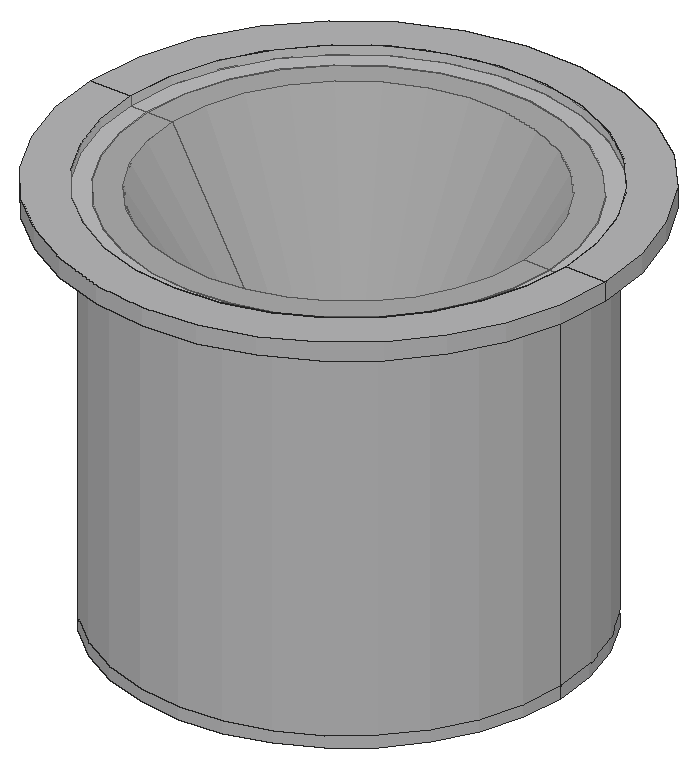
Revit family "2049537 Lighting Fixture_Sylvania_Myriad V LED_Ceiling Recessed", category Lighting Fixtures, host Face, Revit 2015
Parameters (values of type "MYRIAD SS IP65 3000K DALI WH")
  Weight = 0.39 kg
  Wattage = 13.8318 W
  built-in parameter 1150110 = 1 (stored number, unit not read)
  Voltage Comments = "UNV (Universal Voltage; 220-240 Volt)"  # constant formula
  Voltage = 240 V  # constant formula
  URL = ""
  built-in parameter 1114217 = 1 (stored number, unit not read)
  Tilt Angle = -90.00°  # constant formula
  built-in parameter 1150109 = 1 (stored number, unit not read)
  built-in parameter 1150134 = (empty or 0)
  built-in parameter 1150113 = 1 (stored number, unit not read)
  Reflector Material = Steel_Sylvania_Myrad V LED_Chrome
  Recessed Depth = 72.0 mm
  Photometric Web File = "2049537_MYRIADVGlassWhiteBezelLED16W3K30deg+DALI-90520.ies"
  Product Page URL = ""
  Product Family = "MYRIAD V LED - IP65 GLASS WHITE BEZEL"  # constant formula
  Photometry Comments = ""
  built-in parameter 1150105 = 1452.6 (stored number, unit not read)
  Lumens = 936 lm
  built-in parameter 1150115 = 1 (stored number, unit not read)
  built-in parameter 1150137 = (empty or 0)
  built-in parameter 1150139 = (empty or 0)
  Life = "50 000h"  # constant formula
  built-in parameter 1150112 = 1 (stored number, unit not read)
  built-in parameter 1150114 = 1 (stored number, unit not read)
  Lamp Comments = "15W Citizen Citiled neutral 3000K"
  LOR = "100%"
  Inner Radius = Cutout Radius - 2.0 mm  # 36.0 mm
  built-in parameter 1150132 = 2
  built-in parameter 1150102 = (empty or 0)
  built-in parameter 1150107 = 3000 (stored number, unit not read)
  built-in parameter 1150138 = (empty or 0)
  built-in parameter 1150106 = 14.526 (stored number, unit not read)
  Energy Class = "A++A+A"  # constant formula
  Emit from Circle Diameter = Diffuser Diameter  # 78.0 mm
  Emit Shape Visible in Rendering = no
  built-in parameter 1150104 = 6.2867 (stored number, unit not read)
  Dimming Range = "Dali"  # constant formula
  Dimming Lamp Color Temperature Shift = <None>
  Diffuser Diameter = Cutout Diameter + 2.0 mm  # 78.0 mm
  Diameter = Cutout Diameter  # 76.0 mm
  Cutout Radius = Cutout Diameter / 2  # 38.0 mm
  Cutout Diameter = 76.0 mm
  Control Gear Type = "Electronic"
  Color Filter = 16777215
  Catalog Number = "2049537 MYRIAD SS IP65 3000K DALI WH"
  Body Material = Aluminum_Sylvania_Myrad V LED_Silver
  Beam Angle = 30.00°  # constant formula
  built-in parameter 1114218 = 1 (stored number, unit not read)
  built-in parameter 1150133 = 10 (stored number, unit not read)
  IP Rating = "IP65"  # constant formula
  Electrical Protection = "CLASS II"  # constant formula
  built-in parameter 1114216 [instance] = 1 (stored number, unit not read)
  Model = "MYRIAD SS IP65 3000K DALI WH"
  Manufacturer = "Feilo-Sylvania Group"
  Lamp = "Integrated LED"
  Diffuser Material = Polycarbonate_Sylvania_Myrad V LED_Clear
  Description = "New high output high efficiency LED downlight modules. IR/UV free light source without heat radiation. Energy efficient light source with far superior luminous flux per watt than existing Low Voltage Halogen. Long life up to 50K hours, fit and forget maintenance free lighting solution. Dimmable options including DALI as standard. IP44 & IP65 versions as standard options. New range of Architectural accessories each providing a different lit dimension. Choice of colour temperatures warm 3000K and neutral 4000K. Luminaires supplied complete with LED drivers. Emergency versions passes through cut out. New completely flush plaster up accessory ring for clean ceiling lines and smooth finish. Total circuit power I5W"  # constant formula
  Default Elevation = 0.0 mm
  built-in parameter 1140040 [instance] = 1
  Assembly Code = "D5020200"
  Apparent Load Comments = ""
  Apparent Load = 15 VA
Reference planes
  plane 1 "Center (Front/Back)": y = 0
  plane 2: z = 0
  plane 3 "Center (Left/Right)": x = 0
  plane 4 "Fixture Bottom": z = 3
  plane 5 "Diffuser": z = 1.454
  plane 6 "Housing Top": z = -66.546
  plane 7 "Housing Thickness": z = -64.546
  plane 8 "Reflector Top": z = -33.546
  plane 9 "Fixture Top": z = -72
Forms (mm)
  Extrusion 1, void
    sketch origin (0, 0, 58) x (-1, 0, 0) y (0, -1, 0)
      loop
        circle (0, 0) r 38
    from -124.546 to -55
  Revolve 2, solid, material "Aluminum_Sylvania_Myrad V LED_Silver" <- "Body Material", detail levels fine
    sketch origin (0, 0, 0) x (1, 0, 0) y (0, 0, 1)
      loop
        line (-46.021, 3) -> (-46.021, 0) -> (-38, 0) -> (-38, -64.546) -> (-36.037, -64.546) -> (-36.037, 1.454) -> (-39, 1.454) -> (-39, 3) -> (-46.021, 3)
      axis (0, 3) -> (0, -64.546)
    angle from 0 to 360
  Extrusion 3, solid, material "Aluminum_Sylvania_Myrad V LED_Silver" <- "Body Material", detail levels fine
    sketch origin (0, 0, 58) x (-1, 0, 0) y (0, -1, 0)
      loop
        circle (0, 0) r 38
    from -124.546 to -122.546
  Revolve 4, solid, material "Steel_Sylvania_Myrad V LED_Chrome" <- "Reflector Material", detail levels fine
    sketch origin (0, 0, 0) x (1, 0, 0) y (0, 0, 1)
      loop
        line (-36, -33.546) -> (0, -33.546) -> (0, -31.083) -> (-12.669, -31.083) -> (-31.5, 1.454) -> (-36, 1.454) -> (-36, -33.546)
      axis (0, 1.454) -> (0, -33.546)
    angle from 0 to 360
  Extrusion 5, solid, material "Polycarbonate_Sylvania_Myrad V LED_Clear" <- "Diffuser Material", detail levels fine
    sketch origin (0, 0, 58) x (-1, 0, 0) y (0, -1, 0)
      loop
        circle (0, 0) r 39
    from -56.546 to -55
  Revolve 6, solid, material "Aluminum_Sylvania_Myrad V LED_Silver" <- "Body Material", detail levels coarse+medium
    sketch origin (0, 0, 0) x (1, 0, 0) y (0, 0, 1)
      loop
        line (-46.021, 3) -> (-46.021, 0) -> (-38, 0) -> (-38, -72) -> (0, -72) -> (0, 3) -> (-46.021, 3)
      axis (0, 3) -> (0, -72)
    angle from 0 to 360
  Revolve 7, solid
    sketch origin (0, 0, 0) x (1, 0, 0) y (0, 0, 1)
      loop
        line (-28, -66.546) -> (-28, -70)
        arc (-28, -70) -> (-27.414, -71.414) -> (-26, -72) r 2
        line (-26, -72) -> (-4.499, -72) -> (-4.499, -66.546) -> (-28, -66.546)
      axis (-4.499, -66.546) -> (-4.499, -72)
    angle from 0 to 360
Cuts and joins
  joined: Revolve 2, Extrusion 3
Dimensions and locks
  locked: plane 4 "Fixture Bottom" to plane 2 at 3
  locked: plane 5 "Diffuser" to plane 2 at 1.454
  "Cutout Radius": plane 3 "Center (Left/Right)" to Revolve 2 sketch curve
  locked: Revolve 2 sketch curve to Revolve 2 sketch curve at 1.963
  locked: Revolve 2 sketch curve to Revolve 2 sketch curve at 8.021
  locked: Revolve 4 sketch curve to Revolve 4 sketch curve at 2.463
  locked: Revolve 2 sketch curve to Revolve 2 sketch curve at 1
  "Inner Radius": plane 3 "Center (Left/Right)" to Revolve 4 sketch curve
  locked: Revolve 4 sketch curve to Revolve 4 sketch curve at 4.5
  locked: Revolve 4 sketch curve to Revolve 4 sketch curve at 23.331
  locked: plane 5 "Diffuser" to plane 8 "Reflector Top" at 35
  locked: Revolve 6 sketch curve to Revolve 6 sketch curve at 8.021
  "Cutout Radius": Revolve 6 sketch curve to imposter light
  "Recessed Depth": plane 2 to plane 9 "Fixture Top"
  locked: Revolve 7 sketch curve to imposter light at 4.499
  imposter light to Revolve 7 sketch curve = 28.0 mm
  plane 7 "Housing Thickness" to plane 6 "Housing Top" to plane 9 "Fixture Top" = 2.0 mm locked, 5.454 mm locked
  "Cutout Diameter": diameter of Extrusion 1 sketch curve
  "Cutout Diameter": diameter of Extrusion 3 sketch curve
  "Diffuser Diameter": diameter of Extrusion 5 sketch curve
  aligned and locked: host face to plane 2
  aligned and locked: level to host face
  aligned and locked: Revolve 2 sketch curve to plane 4 "Fixture Bottom"
  aligned and locked: Revolve 2 sketch curve to plane 5 "Diffuser"
  aligned and locked: Revolve 2 sketch curve to plane 2
  aligned and locked: Revolve 2 sketch curve to plane 3 "Center (Left/Right)"
  aligned and locked: plane 7 "Housing Thickness" to Extrusion 3
  aligned and locked: Extrusion 3 to plane 6 "Housing Top"
  aligned and locked: Revolve 2 sketch curve to plane 7 "Housing Thickness"
  aligned and locked: Revolve 4 sketch curve to plane 5 "Diffuser"
  aligned and locked: Revolve 4 sketch curve to plane 3 "Center (Left/Right)"  (x2)
  aligned and locked: Extrusion 5 to plane 5 "Diffuser"
  aligned and locked: plane 4 "Fixture Bottom" to Extrusion 5
  aligned and locked: Revolve 4 sketch curve to plane 8 "Reflector Top"
  aligned and locked: imposter light to plane 3 "Center (Left/Right)"
  aligned and locked: imposter light to plane 4 "Fixture Bottom"
  aligned and locked: imposter light to plane 1 "Center (Front/Back)"
  aligned and locked: Revolve 6 sketch curve to imposter light  (x2)
  aligned and locked: Revolve 6 sketch curve to plane 2
  aligned and locked: imposter light to Extrusion 1
  aligned and locked: Extrusion 1 to plane 6 "Housing Top"
  aligned and locked: Revolve 7 sketch curve to plane 6 "Housing Top"
  aligned and locked: Revolve 7 sketch curve to plane 9 "Fixture Top"
  aligned and locked: Revolve 7 sketch curve to Revolve 7 sketch curve
  aligned and locked: Revolve 6 sketch curve to plane 9 "Fixture Top"
Automatic sketch dimensions
  host sketch curve to host sketch curve = 345.0 mm
  host sketch curve to host sketch curve = 280.0 mm
  Revolve 7 sketch curve to plane 6 "Housing Top" = 0.0 mm
  Revolve 7 sketch curve to Revolve 7 sketch curve = 2.0 mm
  Revolve 7 sketch curve to plane 9 "Fixture Top" = 8.594 mm
  plane 1 "Center (Front/Back)" to Extrusion 1 sketch curve = 0.0 mm
  Extrusion 1 sketch curve to plane 3 "Center (Left/Right)" = 0.0 mm
  plane 8 "Reflector Top" to Revolve 2 sketch curve = 16.453 mm
  plane 4 "Fixture Bottom" to Revolve 2 sketch curve = 14.907 mm
  plane 1 "Center (Front/Back)" to Extrusion 3 sketch curve = 0.0 mm
  Extrusion 3 sketch curve to plane 3 "Center (Left/Right)" = 0.0 mm
  plane 4 "Fixture Bottom" to Revolve 4 sketch curve = 9.307 mm
  Revolve 4 sketch curve to Revolve 4 sketch curve = 25.0 mm
  plane 1 "Center (Front/Back)" to Extrusion 5 sketch curve = 0.0 mm
  Extrusion 5 sketch curve to plane 3 "Center (Left/Right)" = 0.0 mm
  Revolve 6 sketch curve to plane 3 "Center (Left/Right)" = 0.0 mm
  plane 8 "Reflector Top" to Revolve 6 sketch curve = 16.453 mm
  Revolve 6 sketch curve to Revolve 6 sketch curve = 14.907 mm
Connectors
  electrical at (0, 0, -72), driven by "Voltage", driven by "Apparent Load"
    settings: index 1, voltage 240 V, apparent load 0 VA, apparent load phase1 15 VA, apparent load phase2 0 VA, apparent load phase3 0 VA, power factor 1, load classification "Lighting", number of poles 1, system type 31, power factor state 1, is connector primary yes, connector utility no, sub classification motor no, connector description ""
